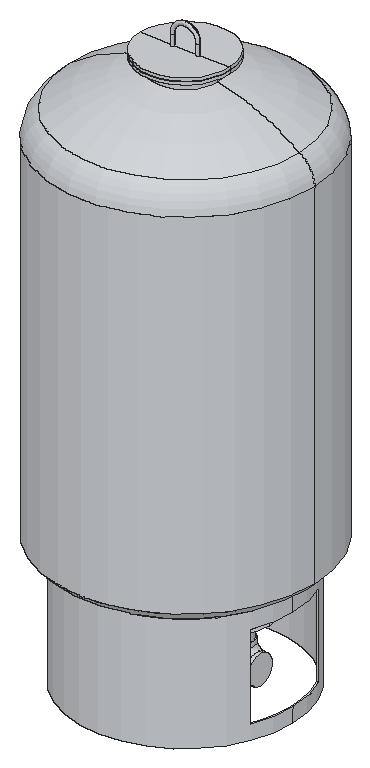
Revit family
Parameters (values of type "WX-423 100# WP")
  Weight = "506 lbs"
  Tank Volume = "264 gallons"
  Tank Only = 65.063"
  Tank Height/Length = 82.125"
  Tank Diameter = 36.000"
  Pipe Connector Diameter = Pipe Connection Radius * 2  # 3.000"
  Pipe Connection Radius = 1.500"
  Model = "WX-423"
  Maximum Acceptance Volume = "171.6 gallons"
  Max Operating Temp = "240 DEG F"
  Max Operating Pressure = "100 PSI"
  Manufacturer = "Amtrol"
  Lifting Ring Location = Tank Only / 2  # 32.5315"
  Floor to Elbow Centerline = 5.063"
  Floor to Bottom of Tank = 11.563"
  Bladder/Diaphragm = "Bladder"
  ASME = no
Types (3): name | Weight | Tank Volume | Tank Only | Tank Height/Length | Model | Maximum Acceptance Volume | Max Operating Temp | Lifting Ring Location
  (no name) | "506 lbs" | "264 gallons" | 65.063" | 82.125" | "WX-423" | "171.6 gallons" | "240 DEG F" | 32.5315"
  WX-423 100# WP | "506 lbs" | "264 gallons" | 65.063" | 82.125" | "WX-423" | "171.6 gallons" | "240 DEG F" | 32.5315"
  WX-424 100# WP | "571" | "317 gal" | 77.438" | 94.500" | "WX-424" | "206 gal" | "240 Deg F" | 38.719"
Reference planes (in)
  plane 1 "Center (Front/Back)": y = 0
  plane 2: z = 0
  plane 3 "Center (Left/Right)": x = 0
Forms (in)
  Revolve 1, solid
    sketch origin (0, 0, 0) x (1, 0, 0) y (0, 0, 1)
      loop
        line (0, 76.626) -> (0, 11.563)
        arc (0, 11.563) -> (8.39476, 12.88155) -> (15.96129, 16.74914) r 26.94213
        arc (15.96129, 16.74914) -> (17.05942, 17.47389) -> (17.98603, 18.40801) r 6.39619
        line (17.98603, 18.40801) -> (17.98603, 67.90161)
        arc (17.98603, 67.90161) -> (17.35628, 69.8832) -> (15.96895, 71.43194) r 4.95497
        arc (15.96895, 71.43194) -> (8.39621, 75.29485) -> (0, 76.626) r 27.145
      axis (0, 11.563) -> (0, 76.626)
    angle from 0 to 360
  Revolve 2, solid
    sketch origin (0, 0, 0) x (1, 0, 0) y (0, 0, 1)
      loop
        line (0, 78.707) -> (0, 76.27373) -> (4.5, 76.27373) -> (4.5, 77.832) -> (6.25, 77.832) -> (6.25, 78.207) -> (0.25, 78.207) -> (0.25, 78.332) -> (6.25, 78.332) -> (6.25, 78.707) -> (0, 78.707)
      axis (0, 76.27373) -> (0, 78.707)
    angle from 0 to 360
  Revolve 3, solid
    sketch origin (0, 0, 0) x (1, 0, 0) y (0, 0, 1)
      loop
        line (11.52042, 12.11724) -> (10.04347, 11.85681) -> (9.58424, 14.19959) -> (6.74455, 13.69888) -> (7.43074, 10.19827) -> (11.71797, 11.03866) -> (11.64464, 11.41272) -> (7.81149, 10.66134) -> (7.73922, 11.03005) -> (11.57939, 11.7828) -> (11.52042, 12.11724)
      axis (7.43074, 10.19827) -> (6.74455, 13.69888)
    angle from 0 to 360
  Revolve 4, solid
    sketch origin (0, 0, 0) x (1, 0, 0) y (0, 0, 1)
      loop
        line (7.43522, 11.48562) -> (7.43522, 7.41832) -> (9.14988, 7.41832) -> (9.14988, 11.48562) -> (7.43522, 11.48562)
      axis (7.43522, 7.41832) -> (7.43522, 11.48562)
    angle from 0 to 360
  Revolve 5, solid
    sketch origin (0, 0, 0) x (1, 0, 0) y (0, 0, 1)
      loop
        line (-15, 0) -> (-14.75, 0) -> (-14.75, 17) -> (-15, 17) -> (-15, 0)
      axis (0, 0) -> (0, 17)
    angle from 0 to 360
  Extrusion 6, void
    sketch origin (0, 0, 0) x (0, 1, 0) y (0, 0, 1)
      loop
        line (-6, 2) -> (6, 2) -> (6, 13.85839) -> (-6, 13.85839) -> (-6, 2)
    from 11.55724 to 26.24406
  Extrusion 7, void
    sketch origin (0, 0, 1.14161) x (0, 1, 0) y (0, 0, 1)
      loop
        line (-3, 6.75) -> (3, 6.75) -> (3, 13.85839) -> (-3, 13.85839) -> (-3, 6.75)
    from -29.96042 to -13.74773
  Sweep 8, solid
    path origin (0, 0, 0) x (1, 0, 0) y (0, 0, 1)
      loop
        line (7.43522, 8.143) -> (7.43522, 7.595)
        arc (7.43522, 7.595) -> (8.17682, 5.80461) -> (9.96722, 5.063) r 2.532
        line (9.96722, 5.063) -> (10.46722, 5.063)
    profile origin (7.43522, 0, 7.869) x (0, -1, 0) y (1, 0, 0)
      loop
        circle (0, 0) r 2
  Sweep 9, solid
    path origin (0, 0, 0) x (1, 0, 0) y (0, 0, 1)
      loop
        line (-1.75, 78.707) -> (-1.75, 80.207)
        arc (-1.75, 80.207) -> (0, 81.957) -> (1.75, 80.207) r 1.75
        line (1.75, 80.207) -> (1.75, 78.707)
    profile origin (-1.75, 0, 79.457) x (-1, 0, 0) y (0, -1, 0)
      loop
        circle (0, 0) r 0.25
  Extrusion 10, solid
    sketch origin (0, 0, 0) x (1, 0, 0) y (0, 0, 1)
      loop
        line (-17.875, 46.59751) -> (-20.375, 46.59751) -> (-20.875, 46.09751) -> (-20.875, 44.09751) -> (-20.375, 43.59751) -> (-17.875, 43.59751) -> (-17.875, 46.59751)
      loop
        circle (-19.38088, 45.09751) r 1
    from -0.34158 to 0.32456
Cuts and joins
  Extrusion 6, Extrusion 7 cuts Revolve 1
  Extrusion 6, Extrusion 7 cuts Revolve 5
  Extrusion 7 cuts Revolve 3
Lines and regions (in)
  reference lines
    curve 1: line (0, 0, 11.56601) -> (-1, 0, 11.56601)
Dimensions and locks (in)
  "Tank Only": Revolve 1 sketch curve to Revolve 1 sketch curve
  Revolve 2 sketch curve to Revolve 1 = 8.37212"
  "Floor to Elbow Centerline": Sweep 8 sketch curve to level
  Sweep 9 sketch curve to cut or joined group of Revolve 1, Extrusion 6, Extrusion 7 = 10.80539"  (x2)
  Revolve 1 sketch curve to Revolve 1 sketch curve = 22.19003"
  "Floor to Bottom of Tank": Revolve 1 sketch curve to level
  Extrusion 10 sketch curve to Extrusion 10 sketch curve = 1.500"  (x2)
  "Lifting Ring Location": Extrusion 10 sketch curve to curve 1
Automatic sketch dimensions
  Revolve 1 sketch curve to plane 3 "Center (Left/Right)" = 0.000"  (x2)
  plane 3 "Center (Left/Right)" to Revolve 1 sketch curve = 0.06919"
  plane 3 "Center (Left/Right)" to Revolve 1 sketch curve = 13.0058"
  plane 3 "Center (Left/Right)" to Revolve 1 sketch curve = 13.05402"
  Revolve 1 sketch curve to Revolve 1 sketch curve = 2.95549"
  Revolve 1 sketch curve to Revolve 1 sketch curve = 2.91493"
  Revolve 1 sketch curve to Revolve 1 sketch curve = 0.000"  (x2)
  Revolve 1 sketch curve to Revolve 1 sketch curve = 2.02474"
  Revolve 1 sketch curve to Revolve 1 sketch curve = 10.97596"
  Revolve 1 sketch curve to Revolve 1 sketch curve = 9.914"
  Revolve 2 sketch curve to plane 3 "Center (Left/Right)" = 0.000"  (x2)
  plane 3 "Center (Left/Right)" to Revolve 2 sketch curve = 0.250"
  plane 3 "Center (Left/Right)" to Revolve 2 sketch curve = 4.500"
  Revolve 2 sketch curve to Revolve 2 sketch curve = 1.750"
  Revolve 2 sketch curve to Revolve 2 sketch curve = 0.000"  (x2)
  Revolve 2 sketch curve to Revolve 2 sketch curve = 1.55827"
  Revolve 2 sketch curve to Revolve 2 sketch curve = 0.375"  (x2)
  Revolve 2 sketch curve to Revolve 2 sketch curve = 0.125"
  Revolve 2 sketch curve to Revolve 2 sketch curve = 4.56673"
  plane 3 "Center (Left/Right)" to Revolve 3 sketch curve = 6.56512"
  Revolve 3 sketch curve to Revolve 3 sketch curve = 0.17943"
  Revolve 3 sketch curve to Revolve 3 sketch curve = 0.6862"
  Revolve 3 sketch curve to Revolve 3 sketch curve = 0.000"  (x2)
  Revolve 3 sketch curve to Revolve 3 sketch curve = 0.30848"
  Revolve 3 sketch curve to Revolve 3 sketch curve = 0.07227"
  Revolve 3 sketch curve to Revolve 3 sketch curve = 2.83969"
  Revolve 3 sketch curve to Revolve 3 sketch curve = 0.45924"
  Revolve 3 sketch curve to Revolve 3 sketch curve = 1.47695"
  Revolve 3 sketch curve to Revolve 3 sketch curve = 0.05897"
  Revolve 3 sketch curve to Revolve 3 sketch curve = 0.06526"
  level to Revolve 3 sketch curve = 11.03866"
  Revolve 3 sketch curve to Revolve 3 sketch curve = 0.07332"
  Revolve 3 sketch curve to Revolve 3 sketch curve = 0.00861"
  Revolve 3 sketch curve to Revolve 3 sketch curve = 0.07401"
  Revolve 3 sketch curve to Revolve 3 sketch curve = 2.34278"
  Revolve 3 sketch curve to Revolve 3 sketch curve = 0.91535"
  plane 3 "Center (Left/Right)" to Revolve 4 sketch curve = 7.43522"
  Revolve 4 sketch curve to Revolve 4 sketch curve = 0.000"
  Revolve 4 sketch curve to Revolve 4 sketch curve = 1.71467"
  level to Revolve 4 sketch curve = 7.41832"
  Revolve 4 sketch curve to Revolve 4 sketch curve = 0.85808"
  Revolve 4 sketch curve to Revolve 4 sketch curve = 4.0673"
  Revolve 4 sketch curve to Revolve 4 sketch curve = 0.29078"
  Revolve 5 sketch curve to level = 0.000"  (x2)
  Revolve 5 sketch curve to plane 3 "Center (Left/Right)" = 0.000"
  Revolve 5 sketch curve to plane 3 "Center (Left/Right)" = 14.750"
  Revolve 5 sketch curve to Revolve 5 sketch curve = 0.250"
  level to Revolve 5 sketch curve = 17.000"
  Revolve 5 sketch curve to Revolve 5 sketch curve = 4.984"
  plane 1 "Center (Front/Back)" to Extrusion 6 sketch curve = 6.000"
  level to Extrusion 6 sketch curve = 2.000"
  Extrusion 6 sketch curve to plane 1 "Center (Front/Back)" = 6.000"
  Extrusion 6 sketch curve to Extrusion 6 sketch curve = 11.85839"
  plane 1 "Center (Front/Back)" to Extrusion 7 sketch curve = 3.000"
  Extrusion 7 sketch curve to plane 1 "Center (Front/Back)" = 3.000"
  level to Extrusion 7 sketch curve = 7.89161"
  Extrusion 7 sketch curve to Extrusion 7 sketch curve = 7.10839"
  plane 3 "Center (Left/Right)" to Sweep 8 sketch curve = 7.43522"
  Sweep 8 sketch curve to Sweep 8 sketch curve = 2.532"
  Sweep 8 sketch curve to Sweep 8 sketch curve = 0.500"
  Sweep 8 sketch curve to Sweep 8 sketch curve = 0.548"
  plane 1 "Center (Front/Back)" to Sweep 8 sketch curve = 0.000"
  Sweep 8 sketch curve to profile plane = 0.000"
  Sweep 9 sketch curve to plane 3 "Center (Left/Right)" = 0.000"
  Sweep 9 sketch curve to plane 3 "Center (Left/Right)" = 1.750"
  Sweep 9 sketch curve to Sweep 9 sketch curve = 1.500"
  plane 1 "Center (Front/Back)" to Sweep 9 sketch curve = 0.000"
  Sweep 9 sketch curve to profile plane = 0.000"
  Revolve 1 sketch curve to Revolve 1 sketch curve = 1.65887"
  curve 1 to plane 3 "Center (Left/Right)" = 0.000"
  curve 1 to curve 1 = 1.000"
  level to curve 1 = 11.56601"
  Extrusion 10 sketch curve to plane 3 "Center (Left/Right)" = 20.875"
  Extrusion 10 sketch curve to Extrusion 10 sketch curve = 0.500"  (x4)
  Extrusion 10 sketch curve to Extrusion 10 sketch curve = 0.99412"
  Extrusion 10 sketch curve to Extrusion 10 sketch curve = 1.50588"
  radius of Sweep 8 sketch curve = 2.000"
  radius of Sweep 9 sketch curve = 0.250"
  radius of Extrusion 10 sketch curve = 1.000"
Connectors (in)
  piping at (10.46722, 0, 5.063), driven by "Pipe Connection Radius"
    settings: on Sweep 8, index 1
